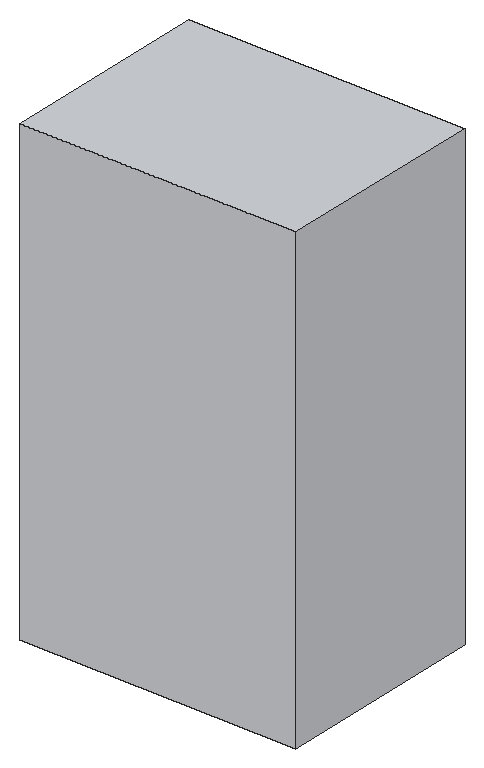
Revit family
Parameters
  Trim Material = Metal - Stainless Steel
  Body Material = Metal - Stainless Steel
  Warranty Duration (Years) = 0
  URL = "http://www.americanspecialties.com/viewCategories.cfm"
  Test Data = ""
  Specification = "http://www.arcat.com/sdspecs/htm/10810asi.htm"
  SpecWizard = ""
  Send Message = "http://www.arcat.com/users.pl?action=UserEmail&company=American%20Specialties,%20Inc.&coid=30448&rep=139&fax=914-476-0688&mf="
  Sales Information = "http://www.americanspecialties.com/contact"
  Revision = "R1_10-2010"
  Product Properties = "http://www.americanspecialties.com/datasheets/0210.pdf"
  Product Data = "http://www.arcat.com/arcatcos/cos30/arc30448.html"
  Model = "As Specified in 10 28 13"
  Manufacturer Website = "http://www.americanspecialties.com/viewCategories.cfm"
  Manufacturer Phone - Toll Free = ""
  Manufacturer Phone = "914-476-9000 "
  Manufacturer Fax = "914-476-0688"
  Manufacturer Address = "441 Saw Mill River Rd., Yonkers, NY 10701"
  Manufacturer = "American Specialties, Inc."
  Maintenance Schedule (Months) = 0
  Keynote = "10 28 13"
  Installation-Fabrication = "http://www.americanspecialties.com/products.cfm"
  Green Building-LEED = ""
  Expected Lifespan (Years) = 0
  Drawn By = "Robert S. Weygant. CSI, CDT, SCIP"  # constant formula
  Description = "Toilet Accessory as Specified in 10 28 13"
  Default Elevation = 4' - 0"
  Copyright = "©Arcat Inc."
  Construction Details = "http://www.arcat.com/green/clients/leed_data_30448.html"
  Building Codes = "http://www.americanspecialties.com/products.cfm"
  Assembly Code = "C1030210"
Reference planes (in)
  plane 1 "Center (Front/Back)": y = -0.29112
  plane 2 "Floor Line": z = 0
  plane 3 "Center (Left/Right)": x = -0.65843
  plane 4: x = -6.15843
  plane 5: x = 4.84157
  plane 6: y = 7.02138
  plane 7: y = -7.60362
  plane 8: through (0, -7.24333, 2.52328) normal (0, 0.9363, -0.3511)
Forms (in)
  Extrusion 1, solid
    sketch origin (-3.65843, -11.33735, -6) x (0, 0, -1) y (1, 0, 0)
      loop
        line (-82, 26) -> (-82, -19.34712) -> (-6, -19.34712) -> (-6, 26) -> (-82, 26)
    from 9 to -25.60721
  Extrusion 2, solid, material "Metal - Stainless Steel" <- "Body Material"
    sketch origin (-0.65843, 0, 0) x (0, 1, 0) y (0, 0, 1)
      loop
        line (7.02138, 0) -> (7.02138, 1.53983)
        arc (7.02138, 1.53983) -> (7.01938, 1.56214) -> (7.01342, 1.58372) r 0.125
        line (7.01342, 1.58372) -> (6.09909, 4.02195)
        arc (6.09909, 4.02195) -> (6.07617, 4.05137) -> (6.04057, 4.0625) r 0.0625
        line (6.04057, 4.0625) -> (-6.6228, 4.0625)
        arc (-6.6228, 4.0625) -> (-6.6584, 4.05137) -> (-6.68132, 4.02195) r 0.0625
        line (-6.68132, 4.02195) -> (-7.59566, 1.58372)
        arc (-7.59566, 1.58372) -> (-7.60161, 1.56214) -> (-7.60362, 1.53983) r 0.125
        line (-7.60362, 1.53983) -> (-7.60362, 0) -> (7.02138, 0)
      loop
        line (6.95888, 1.55117) -> (6.04057, 4) -> (-6.6228, 4) -> (-7.54112, 1.55117) -> (-7.54112, 0.0625) -> (6.95888, 0.0625) -> (6.95888, 1.55117)
    from -5.5 to 5.5
  Extrusion 3, void
    sketch origin (0, -7.24333, 2.52328) x (0, 0.351123, 0.936329) y (-1, 0, 0)
      loop
        arc (0.72454, 5.26341) -> (0.5104, 5.47094) -> (0.2499, 5.3258) r 0.25
        arc (0.2499, 5.3258) -> (-0.47776, 4.27423) -> (-1.53191, 3.5503) r 3.53546
        arc (-1.53191, 3.5503) -> (-2.00788, 3.10531) -> (-2.10868, 2.46157) r 1
        arc (-2.10868, 2.46157) -> (-1.94912, 0.65843) -> (-2.10868, -1.1447) r 10.26804
        arc (-2.10868, -1.1447) -> (-2.00788, -1.78844) -> (-1.53191, -2.23343) r 1
        arc (-1.53191, -2.23343) -> (-0.47776, -2.95736) -> (0.2499, -4.00894) r 3.53546
        arc (0.2499, -4.00894) -> (0.5104, -4.15407) -> (0.72454, -3.94654) r 0.25
        arc (0.72454, -3.94654) -> (1.09847, 0.65843) -> (0.72454, 5.26341) r 28.54231
    from -0.87354 to 0.76823
  Extrusion 4, solid, material "Metal - Stainless Steel" <- "Body Material"
    sketch origin (-6.15843, 0, 0) x (0, 1, 0) y (0, 0, 1)
      loop
        line (7.02138, 0) -> (7.02138, 1.53983)
        arc (7.02138, 1.53983) -> (7.01938, 1.56214) -> (7.01342, 1.58372) r 0.125
        line (7.01342, 1.58372) -> (6.09909, 4.02195)
        arc (6.09909, 4.02195) -> (6.07617, 4.05137) -> (6.04057, 4.0625) r 0.0625
        line (6.04057, 4.0625) -> (-6.6228, 4.0625)
        arc (-6.6228, 4.0625) -> (-6.6584, 4.05137) -> (-6.68132, 4.02195) r 0.0625
        line (-6.68132, 4.02195) -> (-7.59566, 1.58372)
        arc (-7.59566, 1.58372) -> (-7.60161, 1.56214) -> (-7.60362, 1.53983) r 0.125
        line (-7.60362, 1.53983) -> (-7.60362, 0) -> (7.02138, 0)
    from 0 to 0.0625
  Extrusion 5, solid, material "Metal - Stainless Steel" <- "Body Material"
    sketch origin (4.84157, 0, 0) x (0, 1, 0) y (0, 0, -1)
      loop
        line (7.02138, 0) -> (-7.60362, 0) -> (-7.60362, -1.53983)
        arc (-7.60362, -1.53983) -> (-7.60161, -1.56214) -> (-7.59566, -1.58372) r 0.125
        line (-7.59566, -1.58372) -> (-6.68132, -4.02195)
        arc (-6.68132, -4.02195) -> (-6.6584, -4.05137) -> (-6.6228, -4.0625) r 0.0625
        line (-6.6228, -4.0625) -> (6.04057, -4.0625)
        arc (6.04057, -4.0625) -> (6.07617, -4.05137) -> (6.09909, -4.02195) r 0.0625
        line (6.09909, -4.02195) -> (7.01342, -1.58372)
        arc (7.01342, -1.58372) -> (7.01938, -1.56214) -> (7.02138, -1.53983) r 0.125
        line (7.02138, -1.53983) -> (7.02138, 0)
    from 0 to 0.0625
  Extrusion 6, void
    sketch origin (0, 0, 0) x (1, 0, 0) y (0, 1, 0)
      loop
        arc (-5.47093, -5.43551) -> (-5.34593, -5.90201) -> (-5.22093, -5.43551) r 0.25
        line (-5.22093, -5.43551) -> (-5.22093, -5.10362)
        arc (-5.22093, -5.10362) -> (-5.34593, -4.97862) -> (-5.47093, -5.10362) r 0.125
        line (-5.47093, -5.10362) -> (-5.47093, -5.43551)
      loop
        arc (-5.47093, 5.56449) -> (-5.34593, 5.09799) -> (-5.22093, 5.56449) r 0.25
        line (-5.22093, 5.56449) -> (-5.22093, 5.89638)
        arc (-5.22093, 5.89638) -> (-5.34593, 6.02138) -> (-5.47093, 5.89638) r 0.125
        line (-5.47093, 5.89638) -> (-5.47093, 5.56449)
      loop
        line (4.15407, -5.43551) -> (4.15407, -5.10362)
        arc (4.15407, -5.10362) -> (4.02907, -4.97862) -> (3.90407, -5.10362) r 0.125
        line (3.90407, -5.10362) -> (3.90407, -5.43551)
        arc (3.90407, -5.43551) -> (4.02907, -5.90201) -> (4.15407, -5.43551) r 0.25
      loop
        line (4.15407, 5.56449) -> (4.15407, 5.89638)
        arc (4.15407, 5.89638) -> (4.02907, 6.02138) -> (3.90407, 5.89638) r 0.125
        line (3.90407, 5.89638) -> (3.90407, 5.56449)
        arc (3.90407, 5.56449) -> (4.02907, 5.09799) -> (4.15407, 5.56449) r 0.25
    from 0 to 0.0625
  Extrusion 7, void
    sketch origin (-0.65843, 0, -0.16895) x (0, 1, 0) y (0, 0, 1)
      loop
        line (-6.25241, 1.77829) -> (-4.75241, 1.83068) -> (-4.75241, 1.97591) -> (-6.25241, 2.02829) -> (-6.25241, 1.77829)
    from 5.4375 to 5.5
  Revolve 8, solid, material "Metal - Stainless Steel" <- "Body Material"
    sketch origin (0, 3.3125, 0.76992) x (1, 0, 0) y (0, 1, 0)
      loop
        line (-0.65843, 3.70888) -> (-0.65843, 3.83388) -> (-0.88119, 3.83388)
        arc (-0.88119, 3.83388) -> (-0.90046, 3.8259) -> (-0.90843, 3.80664) r 0.02724
        line (-0.90843, 3.80664) -> (-0.90843, 3.70888) -> (-0.65843, 3.70888)
      axis (-0.65843, 3.70888) -> (-0.65843, 3.83388)
    angle from 0 to 360
Cuts and joins
  Extrusion 3, Extrusion 6, Extrusion 7 cuts Extrusion 2
  Extrusion 6, Extrusion 7 cuts Extrusion 4
  Extrusion 6, Extrusion 7 cuts Extrusion 5
  joined: Extrusion 2, Extrusion 4, Extrusion 5
Dimensions and locks (in)
  aligned and locked: Extrusion 2 to plane 4
  aligned and locked: plane 5 to Extrusion 2
  aligned and locked: Extrusion 2 to plane 6
  aligned and locked: plane 7 to Extrusion 2
  aligned and locked: plane 8 to Extrusion 2
  aligned and locked: Extrusion 4 sketch curve to cut or joined group of Extrusion 2, Extrusion 3, Extrusion 4, Extrusion 5, Extrusion 6, Extrusion 7  (x10)
  aligned and locked: plane 4 to Extrusion 4
  aligned and locked: Extrusion 2 to Extrusion 6
  aligned and locked: Extrusion 6 to level
  aligned and locked: Extrusion 5 to Extrusion 7
  aligned and locked: plane 5 to Extrusion 7
  aligned and locked: Revolve 8 sketch curve to Revolve 8 sketch curve
